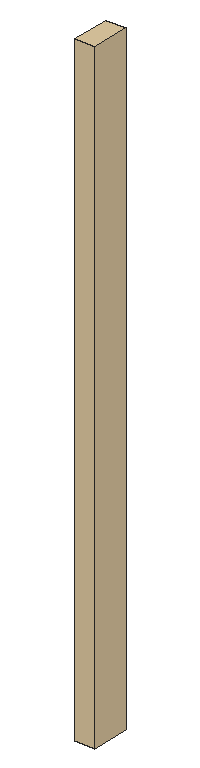
Revit family
Parameters (values of type "79x152")
  b = 79 mm
  d = 152 mm
  Column Material [instance] = Wood - Dimensional Lumber
Types (3, lengths in mm): name | b
  (no name) | 79
  79x152 | 79
  130x152 | 130
Reference planes
  plane 1 "Center (Front/Back)": y = 0
  plane 2: z = 0
  plane 3 "Center (Left/Right)": x = 0
  plane 4: x = -39.5
  plane 5: x = 39.5
  plane 6: y = 76
  plane 7: y = -76
Forms (mm)
  Extrusion 1, solid, material "Wood - Dimensional Lumber" <- "Column Material", detail levels medium+fine
    sketch origin (0, 0, 0) x (1, 0, 0) y (0, 1, 0)
      loop
        line (-39.5, 76) -> (-39.5, -76) -> (39.5, -76) -> (39.5, 76) -> (-39.5, 76)
    from 0 to 2500
Lines and regions (mm)
  symbolic lines, style "StructuralColumnStickSymbols", detail levels coarse
    curve 1: line (-39.5, 76, 0) -> (39.5, 76, 0)
    curve 2: line (-39.5, -76, 0) -> (39.5, -76, 0)
    curve 3: line (-39.5, 76, 0) -> (-39.5, -76, 0)
    curve 4: line (39.5, 76, 0) -> (39.5, -76, 0)
Dimensions and locks
  equal spacing: plane 4, plane 3 "Center (Left/Right)", plane 5
  equal spacing: plane 7, plane 1 "Center (Front/Back)", plane 6
  "d": plane 7 to plane 6
  "b": plane 4 to plane 5
  aligned and locked: plane 6 to Extrusion 1 sketch curve
  aligned and locked: Extrusion 1 sketch curve to plane 7
  aligned and locked: Extrusion 1 sketch curve to plane 4
  aligned and locked: plane 5 to Extrusion 1 sketch curve
  aligned and locked: level to Extrusion 1
  aligned and locked: level to plane 2
  aligned and locked: Extrusion 1 to plane 2
Automatic sketch dimensions
  curve 3 to plane 4 = 0 mm
  curve 4 to plane 5 = 0 mm
  curve 3 to plane 7 = 0 mm
  curve 3 to plane 6 = 0 mm
